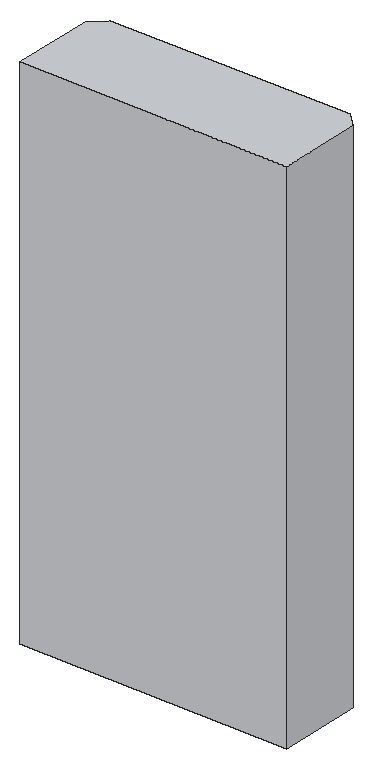
Revit family "SC_wrijfstijl_generic model", category Generic Models, Revit 2023
Family settings
  Can host rebar = No
  Round Connector Dimension = Use Diameter
  Part Type = Normal
  Work Plane-Based = No
  Always vertical = Yes
  Cut with Voids When Loaded = No
  Maintain Annotation Orientation = No
  Shared = No
  Room Calculation Point = No
Parameters
  IB_wrijfstijl_hoogte [instance] = 500 mm
  IB_wrijfstijl_lengte [instance] = 979.887 mm
  IB_wrijfstijl_breedte [instance] = 180 mm
  Default Elevation = 0 mm
Reference planes
  plane 1 "Center (Front/Back)": y = 0
  plane 2: z = 0
  plane 3 "Center (Left/Right)": x = 0
  plane 4: z = 979.887
Forms (mm)
  Extrusion 1, solid
    sketch origin (0, 0, 0) x (1, 0, 0) y (0, 1, 0)
      loop
        line (-225, 0) -> (-250, -25) -> (-250, -180) -> (250, -180) -> (250, -25) -> (225, 0) -> (-225, 0)
    from 0 to 979.887
Dimensions and locks
  "IB_wrijfstijl_lengte": plane 4 to plane 2
  "IB_wrijfstijl_breedte": Extrusion 1 sketch curve to Extrusion 1 sketch curve
  equal spacing: Extrusion 1 sketch curve, plane 3 "Center (Left/Right)", Extrusion 1 sketch curve
  "IB_wrijfstijl_hoogte": Extrusion 1 sketch curve to Extrusion 1 sketch curve
  aligned and locked: level to plane 2
  aligned and locked: plane 4 to Extrusion 1
  aligned and locked: plane 2 to Extrusion 1
Automatic sketch dimensions
  plane 1 "Center (Front/Back)" to Extrusion 1 sketch curve = 0 mm
  Extrusion 1 sketch curve to Extrusion 1 sketch curve = 25 mm  (x2)
  plane 1 "Center (Front/Back)" to Extrusion 1 sketch curve = 25 mm  (x2)
